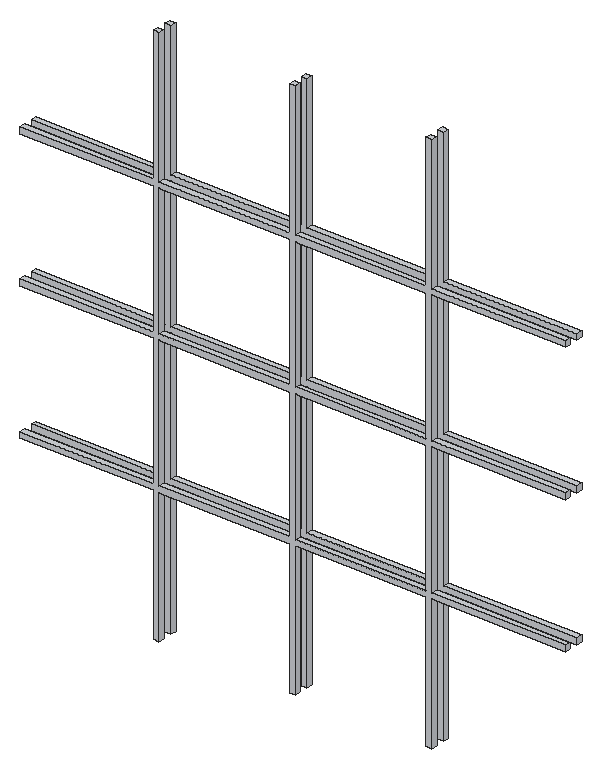
Revit family "M_Padrão do montante_4x4", category Modelos genéricos, Revit 2019
Family settings
  Pode hospedar o vergalhão = Não
  Cota do conector redondo = Utilizar diâmetro
  Tipo de parte = Normal
  Com base no plano de trabalho = Não
  Sempre na vertical = Sim
  Corte com vazios quando carregada = Não
  Compartilhado = Sim
  Ponto de cálculo do ambiente = Não
Parameters
  Largura [instance] = 1200 mm
  Espessura = 12.7 mm
  Altura [instance] = 1200 mm
  Material interior [instance] = none
  Material externo [instance] = none
  Distância = 19.05 mm
Reference planes
  plane 1 "Centro (Frente/Trás)": y = 0
  plane 2: z = 0
  plane 3 "Centro (Esquerda/Direita)": x = 0
  plane 4: z = 1200
  plane 5: x = -600
  plane 6: x = 600
  plane 7 "a": y = 9.525
  plane 8 "b": y = -9.525
  plane 9: x = -6.35
  plane 10: x = 6.35
  plane 11: x = -300
  plane 12: x = 300
  plane 13: x = -306.35
  plane 14: x = -293.65
  plane 15: x = 293.65
  plane 16: x = 306.35
  plane 17: y = 22.225
  plane 18: y = -22.225
  plane 19: z = 300
  plane 20: z = 306.35
  plane 21: z = 293.65
  plane 22: z = 600
  plane 23: z = 606.35
  plane 24: z = 593.65
  plane 25: z = 900
  plane 26: z = 906.35
  plane 27: z = 893.65
Forms (mm)
  Extrusion 1, solid, material <- "Material externo", detail levels fine
    sketch origin (0, 9.525, 0) x (-1, 0, 0) y (0, 0, 1)
      loop
        line (306.35, 1200) -> (293.65, 1200) -> (293.65, 906.35) -> (6.35, 906.35) -> (6.35, 1200) -> (-6.35, 1200) -> (-6.35, 906.35) -> (-293.65, 906.35) -> (-293.65, 1200) -> (-306.35, 1200) -> (-306.35, 906.35) -> (-600, 906.35) -> (-600, 893.65) -> (-306.35, 893.65) -> (-306.35, 606.35) -> (-600, 606.35) -> (-600, 593.65) -> (-306.35, 593.65) -> (-306.35, 306.35) -> (-600, 306.35) -> (-600, 293.65) -> (-306.35, 293.65) -> (-306.35, 0) -> (-293.65, 0) -> (-293.65, 293.65) -> (-6.35, 293.65) -> (-6.35, 0) -> (6.35, 0) -> (6.35, 293.65) -> (293.65, 293.65) -> (293.65, 0) -> (306.35, 0) -> (306.35, 293.65) -> (600, 293.65) -> (600, 306.35) -> (306.35, 306.35) -> (306.35, 593.65) -> (600, 593.65) -> (600, 606.35) -> (306.35, 606.35) -> (306.35, 893.65) -> (600, 893.65) -> (600, 906.35) -> (306.35, 906.35) -> (306.35, 1200)
      loop
        line (293.65, 306.35) -> (293.65, 593.65) -> (6.35, 593.65) -> (6.35, 306.35) -> (293.65, 306.35)
      loop
        line (-6.35, 306.35) -> (-6.35, 593.65) -> (-293.65, 593.65) -> (-293.65, 306.35) -> (-6.35, 306.35)
      loop
        line (293.65, 606.35) -> (293.65, 893.65) -> (6.35, 893.65) -> (6.35, 606.35) -> (293.65, 606.35)
      loop
        line (-6.35, 606.35) -> (-6.35, 893.65) -> (-293.65, 893.65) -> (-293.65, 606.35) -> (-6.35, 606.35)
    from 0 to 12.7
  Extrusion 2, solid, material <- "Material interior", detail levels fine
    sketch origin (0, -9.525, 0) x (-1, 0, 0) y (0, 0, 1)
      loop
        line (306.35, 1200) -> (293.65, 1200) -> (293.65, 906.35) -> (6.35, 906.35) -> (6.35, 1200) -> (-6.35, 1200) -> (-6.35, 906.35) -> (-293.65, 906.35) -> (-293.65, 1200) -> (-306.35, 1200) -> (-306.35, 906.35) -> (-600, 906.35) -> (-600, 893.65) -> (-306.35, 893.65) -> (-306.35, 606.35) -> (-600, 606.35) -> (-600, 593.65) -> (-306.35, 593.65) -> (-306.35, 306.35) -> (-600, 306.35) -> (-600, 293.65) -> (-306.35, 293.65) -> (-306.35, 0) -> (-293.65, 0) -> (-293.65, 293.65) -> (-6.35, 293.65) -> (-6.35, 0) -> (6.35, 0) -> (6.35, 293.65) -> (293.65, 293.65) -> (293.65, 0) -> (306.35, 0) -> (306.35, 293.65) -> (600, 293.65) -> (600, 306.35) -> (306.35, 306.35) -> (306.35, 593.65) -> (600, 593.65) -> (600, 606.35) -> (306.35, 606.35) -> (306.35, 893.65) -> (600, 893.65) -> (600, 906.35) -> (306.35, 906.35) -> (306.35, 1200)
      loop
        line (293.65, 306.35) -> (293.65, 593.65) -> (6.35, 593.65) -> (6.35, 306.35) -> (293.65, 306.35)
      loop
        line (-6.35, 306.35) -> (-6.35, 593.65) -> (-293.65, 593.65) -> (-293.65, 306.35) -> (-6.35, 306.35)
      loop
        line (293.65, 606.35) -> (293.65, 893.65) -> (6.35, 893.65) -> (6.35, 606.35) -> (293.65, 606.35)
      loop
        line (-6.35, 606.35) -> (-6.35, 893.65) -> (-293.65, 893.65) -> (-293.65, 606.35) -> (-6.35, 606.35)
    from 0 to -12.7
Lines and regions (mm)
  model lines, detail levels medium
    curve 1: line (0, 9.525, 1200) -> (0, 9.525, 0)
    curve 2: line (-300, 9.525, 1200) -> (-300, 9.525, 0)
    curve 3: line (300, 9.525, 1200) -> (300, 9.525, 0)
    curve 4: line (0, -9.525, 1200) -> (0, -9.525, 0)
    curve 5: line (-300, -9.525, 1200) -> (-300, -9.525, 0)
    curve 6: line (300, -9.525, 1200) -> (300, -9.525, 0)
    curve 7: line (-600, 9.525, 300) -> (600, 9.525, 300)
    curve 8: line (-600, -9.525, 300) -> (600, -9.525, 300)
    curve 9: line (-600, 9.525, 600) -> (600, 9.525, 600)
    curve 10: line (-600, -9.525, 600) -> (600, -9.525, 600)
    curve 11: line (-600, -9.525, 900) -> (600, -9.525, 900)
    curve 12: line (-600, 9.525, 900) -> (600, 9.525, 900)
Dimensions and locks
  equal spacing: plane 6, plane 3 "Centro (Esquerda/Direita)", plane 5
  "Largura": plane 6 to plane 5
  "Altura": plane 4 to plane 2
  equal spacing: plane 7 "a", plane 1 "Centro (Frente/Trás)", plane 8 "b"
  "Distância": plane 7 "a" to plane 8 "b"
  equal spacing: plane 3 "Centro (Esquerda/Direita)", plane 11, plane 5
  equal spacing: plane 6, plane 12, plane 3 "Centro (Esquerda/Direita)"
  locked: plane 9 to plane 3 "Centro (Esquerda/Direita)" at 6.35
  locked: plane 10 to plane 3 "Centro (Esquerda/Direita)" at 6.35
  locked: plane 11 to plane 13 at 6.35
  locked: plane 14 to plane 11 at 6.35
  locked: plane 12 to plane 15 at 6.35
  locked: plane 16 to plane 12 at 6.35
  "Espessura": plane 17 to plane 7 "a"
  "Espessura": plane 8 "b" to plane 18
  locked: plane 20 to plane 19 at 6.35
  locked: plane 19 to plane 21 at 6.35
  locked: plane 23 to plane 22 at 6.35
  locked: plane 22 to plane 24 at 6.35
  locked: plane 26 to plane 25 at 6.35
  locked: plane 25 to plane 27 at 6.35
  equal spacing: plane 4, plane 25, plane 22, plane 19, plane 2
  aligned and locked: plane 2 to level
  aligned and locked: plane 4 to curve 1
  aligned and locked: plane 2 to curve 1
  aligned and locked: plane 13 to Extrusion 1 sketch curve
  aligned and locked: plane 4 to Extrusion 1 sketch curve  (x3)
  aligned and locked: plane 14 to Extrusion 1 sketch curve
  aligned and locked: plane 2 to Extrusion 1 sketch curve  (x3)
  aligned and locked: plane 9 to Extrusion 1 sketch curve
  aligned and locked: plane 10 to Extrusion 1 sketch curve
  aligned and locked: plane 15 to Extrusion 1 sketch curve
  aligned and locked: plane 16 to Extrusion 1 sketch curve
  aligned and locked: plane 11 to curve 2
  aligned and locked: plane 12 to curve 3
  aligned and locked: plane 2 to curve 2
  aligned and locked: plane 2 to curve 3
  aligned and locked: plane 4 to curve 3
  aligned and locked: plane 4 to curve 2
  aligned and locked: Extrusion 1 to plane 17
  aligned and locked: Extrusion 2 to plane 18
  aligned and locked: plane 20 to Extrusion 2 sketch curve
  aligned and locked: plane 21 to Extrusion 2 sketch curve
  aligned and locked: plane 5 to Extrusion 2 sketch curve  (x3)
  aligned and locked: plane 6 to Extrusion 2 sketch curve  (x3)
  aligned and locked: plane 5 to Extrusion 1 sketch curve  (x3)
  aligned and locked: plane 20 to Extrusion 1 sketch curve
  aligned and locked: plane 21 to Extrusion 1 sketch curve
  aligned and locked: plane 6 to Extrusion 1 sketch curve  (x3)
  aligned and locked: plane 19 to curve 7
  aligned and locked: plane 6 to curve 7
  aligned and locked: plane 5 to curve 7
  aligned and locked: plane 19 to curve 8
  aligned and locked: plane 6 to curve 8
  aligned and locked: plane 5 to curve 8
  aligned and locked: plane 23 to Extrusion 2 sketch curve
  aligned and locked: plane 24 to Extrusion 2 sketch curve
  aligned and locked: plane 23 to Extrusion 1 sketch curve
  aligned and locked: plane 24 to Extrusion 1 sketch curve
  aligned and locked: plane 22 to curve 9
  aligned and locked: plane 6 to curve 9
  aligned and locked: plane 5 to curve 9
  aligned and locked: plane 22 to curve 10
  aligned and locked: plane 6 to curve 10
  aligned and locked: plane 5 to curve 10
  aligned and locked: plane 26 to Extrusion 2 sketch curve
  aligned and locked: plane 27 to Extrusion 2 sketch curve
  aligned and locked: plane 26 to Extrusion 1 sketch curve
  aligned and locked: plane 27 to Extrusion 1 sketch curve
  aligned and locked: plane 25 to curve 11
  aligned and locked: plane 6 to curve 11
  aligned and locked: plane 5 to curve 11
  aligned and locked: plane 25 to curve 12
  aligned and locked: plane 6 to curve 12
  aligned and locked: plane 5 to curve 12
Automatic sketch dimensions
  curve 1 to plane 3 "Centro (Esquerda/Direita)" = 0 mm
  Extrusion 2 sketch curve to plane 4 = 0 mm  (x3)
  Extrusion 2 sketch curve to plane 16 = 0 mm  (x4)
  Extrusion 2 sketch curve to plane 15 = 0 mm  (x4)
  Extrusion 2 sketch curve to level = 0 mm  (x3)
  plane 10 to Extrusion 2 sketch curve = 0 mm  (x4)
  plane 9 to Extrusion 2 sketch curve = 0 mm  (x4)
  Extrusion 2 sketch curve to plane 14 = 0 mm  (x4)
  Extrusion 2 sketch curve to plane 13 = 0 mm  (x4)
  curve 6 to level = 0 mm
  curve 6 to plane 12 = 0 mm
  curve 4 to level = 0 mm
  curve 4 to plane 3 "Centro (Esquerda/Direita)" = 0 mm
  curve 5 to level = 0 mm
  curve 5 to plane 11 = 0 mm
  curve 6 to plane 4 = 0 mm
  curve 5 to plane 4 = 0 mm
  curve 4 to plane 4 = 0 mm
  Extrusion 2 sketch curve to plane 20 = 0 mm  (x3)
  Extrusion 2 sketch curve to plane 21 = 0 mm  (x3)
  Extrusion 2 sketch curve to plane 24 = 0 mm  (x3)
  Extrusion 2 sketch curve to plane 23 = 0 mm  (x3)
  Extrusion 1 sketch curve to plane 16 = 0 mm  (x3)
  Extrusion 1 sketch curve to plane 15 = 0 mm  (x3)
  plane 10 to Extrusion 1 sketch curve = 0 mm  (x3)
  plane 9 to Extrusion 1 sketch curve = 0 mm  (x3)
  Extrusion 1 sketch curve to plane 14 = 0 mm  (x3)
  Extrusion 1 sketch curve to plane 13 = 0 mm  (x3)
  Extrusion 1 sketch curve to plane 21 = 0 mm  (x3)
  Extrusion 1 sketch curve to plane 20 = 0 mm  (x3)
  Extrusion 1 sketch curve to plane 24 = 0 mm  (x3)
  Extrusion 1 sketch curve to plane 23 = 0 mm  (x3)
  Extrusion 2 sketch curve to plane 26 = 0 mm  (x3)
  Extrusion 2 sketch curve to plane 27 = 0 mm  (x3)
  Extrusion 1 sketch curve to plane 26 = 0 mm  (x3)
  Extrusion 1 sketch curve to plane 27 = 0 mm  (x3)
